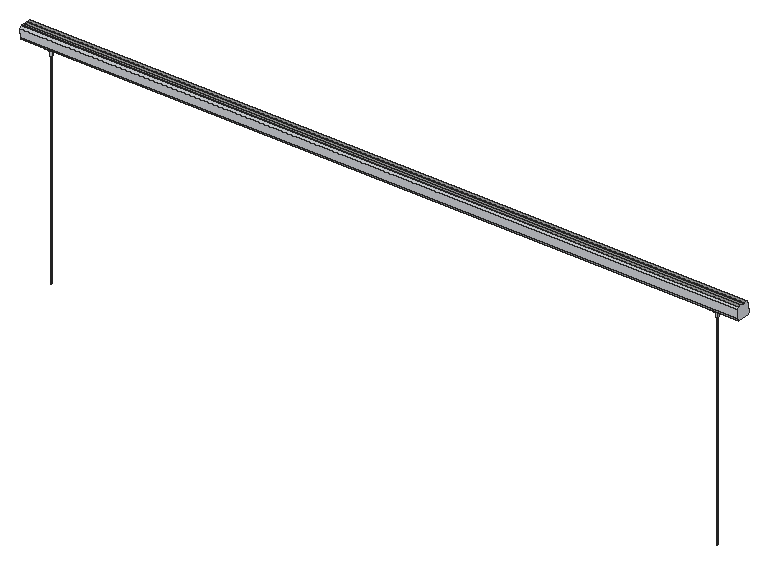
Revit family "0042534 Sylvania Lighting Fixture ISOLINE  3380MM 4K WD DA 8C", category Lighting Fixtures, host Face, Revit 2018
Family settings
  Host = Face
  Round Connector Dimension = Use Diameter
  Part Type = Normal
  OmniClass Number = 23.80.70.00
  OmniClass Title = Lighting
  Cut with Voids When Loaded = No
  Light Source = Yes
  Shared = No
  Room Calculation Point = No
Parameters (values of type "0042534 ISOLINE  3380MM 4K WD DA 8C")
  suspension height = 1000 mm
  spacer height = 5 mm
  spacer centres = 1000 mm
  height = 58.791 mm
  Width = 62 mm
  Weight = "n/a"
  Wattage Comments = ""
  Wattage = 9.2903 W
  WarrantyStartDate [instance] = "n/a"
  WarrantyGuarantorParts = "n/a"
  WarrantyDurationUnit = "n/a"
  WarrantyDurationParts = ""
  WarrantyDescription = "http://www.sylvania-lighting.com"
  built-in parameter 1150110 = 1 (stored number, unit not read)
  Voltage = 0 V
  URL = "0"
  TypeName = "ISOLINE  3380MM 4K WD DA 8C"
  Type Image = <None>
  Type Comments = "n/a"
  built-in parameter 1114217 = 1 (stored number, unit not read)
  Tilt Angle = 90.00°
  built-in parameter 1150109 = 1 (stored number, unit not read)
  built-in parameter 1150134 = 3
  built-in parameter 1150113 = 1 (stored number, unit not read)
  SerialNumber [instance] = "n/a"
  Photometric Web File = "0042534.ies"
  Material_3_FEILO = none
  PowerFactor = 0
  PowerConsumption = "Lighting"
  NominalLength = 62 mm
  NominalHeight = 0 mm
  NominalDepth = 0 mm
  Name = "ISOLINE  3380MM 4K WD DA 8C"
  ModelReference = Name  # "ISOLINE  3380MM 4K WD DA 8C"
  ModelNumber = "0042534"
  Model = Name  # "ISOLINE  3380MM 4K WD DA 8C"
  Material = "Feilo Sylvania"
  ManufacturerName = "145 lm/W"
  Manufacturer = ""
  LuminousEfficacy = ""
  built-in parameter 1150105 = 109.82 (stored number, unit not read)
  Lumens = 1380 lm
  LuminaireType = "0"
  built-in parameter 1150115 = 1 (stored number, unit not read)
  LightOutputRatio = "LED"
  built-in parameter 1150137 = (empty or 0)
  built-in parameter 1150139 = (empty or 0)
  Length = 3380 mm
  LampsType = Lamp  # "n/a"
  LampNominalLuminous = "4000 K"
  LampMacAdamStep = "80"
  LampColourTemperature = "LED"
  LampColourRenderingIndex = "16500"
  built-in parameter 1150112 = 1 (stored number, unit not read)
  built-in parameter 1150114 = 1 (stored number, unit not read)
  Lamp = "n/a"
  Keynote = "n/a"
  InstallationDate [instance] = "n/a"
  InputVoltage = "0"
  InputNominalFrequency = "4000"
  built-in parameter 1150132 = (empty or 0)
  built-in parameter 1150102 = (empty or 0)
  built-in parameter 1150107 = 3200 (stored number, unit not read)
  built-in parameter 1150138 = (empty or 0)
  IngressProtection = "IfcLightFixtureType"
  ImpactProtectionIndex = "IfcLightFixtureType"
  built-in parameter 1150106 = 1.0982 (stored number, unit not read)
  IfcExportType = "IfcLightFixtureType"
  IfcExportAs = "Class I"
  Height = 1000 mm
  ExpectedLife = 50000
  Emit from Circle Diameter = 609.6 mm
  Emit Shape Visible in Rendering = no
  ElectricShockClassification = "145"
  built-in parameter 1150104 = 13.8 (stored number, unit not read)
  DurationUnit = "hours"
  DocumentationLiterature = "http://www.sylvania-lighting.com/product/en-int/products/0042534"
  DimmingControlOptions = "n/a"
  Material_2_FEILO = none
  Dimming Lamp Color Temperature Shift = <None>
  Description = "Isoline LED linear DALI dimmable luminaire for industrial and commercial applications. 3380 mm length with wide optics provide homogeneous light distribution for open areas. Suitable for DALI Dimming. Aluminium housing, RAL 9016. Max + 35 °C operating temperature range, 4000 K, CRI 80, UGR <25, 3 SDMC. 112 W power consumption, 16300 lm luminous flux, 145 lm/W efficacy, 3380 mm x62 mm x 59 mm (L x W x H) dimensions, IP20, IK03, DC 50/60 Hz, Class I. Lifespan L70:B50 60,000 hours."
  Default Elevation = 1219.2 mm
  CreatedOn = "04/03/2021"
  CreatedBy = "@sylvania-lighting.com"
  Cost = 0
  Color Filter = 16777215
  built-in parameter 1114216 [instance] = (empty or 0)
  ClassificationValue = "EF_70_80"
  ClassificationName = "Uniclass2015"
  Material_1_FEILO = none
  BarCode [instance] = "n/a"
  built-in parameter 1114218 = 1 (stored number, unit not read)
  built-in parameter 1150133 = 10 (stored number, unit not read)
  AssetType = "Fixed"
  AssetIdentifier [instance] = "n/a"
  Assembly Code = "D5020200"
  Apparent Load = 112 VA
  Material_4_FEILO = none
Reference planes
  plane 1 "Center (Front/Back)": y = 0
  plane 2: z = 0
  plane 3 "Center (Left/Right)": x = 0
  plane 4: z = 0
  plane 5: z = 1000
  plane 6: y = 31
  plane 7: y = -31
  plane 8: x = -1690
  plane 9: x = 1690
  plane 10: x = -37.307
  plane 11: x = 55
  plane 12: z = 1058.791
  plane 13: z = 51
  plane 14: y = -27
  plane 15: y = 27
  plane 16: z = 12
  plane 17: y = -24.969
  plane 18: y = 25
  plane 19: y = 12
  plane 20: y = -12
  plane 21: z = 1.634
  plane 22: y = -8
  plane 23: y = 8
  plane 24: x = -1580
  plane 25: x = -1555
  plane 26: x = 1580
  plane 27: x = 1555
  plane 28: z = 995
  plane 29: y = 26.98
  plane 30: y = 16.98
  plane 31: y = -27.027
  plane 32: y = -17.004
  plane 33: z = 996.5
  plane 34: y = 26.002
  plane 35: y = -26.027
  plane 36: through (-1580, 7.965, 1219.2) normal (0.5391, 0.8423, 0)
  plane 37: through (-1555, 7.965, 1219.2) normal (0.5391, -0.8423, 0)
  plane 38: through (1555, 7.965, 1219.2) normal (0.5391, 0.8423, 0)
  plane 39: through (1580, 8, 1219.2) normal (0.5399, -0.8417, 0)
  plane 40: z = 1058.003
  plane 41: z = 1056.819
Forms (mm)
  Extrusion 1, solid, detail levels medium+fine
    sketch origin (-1690, -1523.717, -160.594) x (0, -1, -0.000261) y (0, 0.000261, -1)
      loop
        line (-1493, -1168.2) -> (-1497, -1160.2) -> (-1551, -1160.2) -> (-1555, -1168.2) -> (-1555, -1207.2) -> (-1549.109, -1218.982) -> (-1535.466, -1218.982) -> (-1532, -1217.566) -> (-1516, -1217.566) -> (-1512.511, -1218.991) -> (-1498.896, -1218.991) -> (-1493, -1207.2) -> (-1493, -1168.2)
    from 0 to 3380
  Extrusion 2, solid
    sketch origin (1555, 1524, 1219.189) x (0, 1, 0) y (0, 0, 1)
      loop
        line (-1497.021, -219.189) -> (-1498.02, -219.189) -> (-1507.02, -223.699) -> (-1541.004, -223.699) -> (-1550.017, -219.203) -> (-1551.02, -219.203) -> (-1541.004, -224.2) -> (-1507.02, -224.2) -> (-1497.021, -219.189)
    from 0 to 25
  Extrusion 3, solid
    sketch origin (-1580, 1524, 1219.189) x (0, 1, 0) y (0, 0, 1)
      loop
        line (-1497.021, -219.189) -> (-1498.02, -219.189) -> (-1507.02, -223.699) -> (-1541.004, -223.699) -> (-1550.017, -219.203) -> (-1551.02, -219.203) -> (-1541.004, -224.2) -> (-1507.02, -224.2) -> (-1497.021, -219.189)
    from 0 to 25
  Extrusion 4, solid
    sketch origin (4.2, 0, 0) x (1, 0, 0) y (0, 1, 0)
      loop
        circle (-1571.7, -0.035) r 5
    from 962.277 to 995
  Extrusion 5, solid
    sketch origin (3139.062, 0.065, 0) x (1, 0, 0) y (0, 1, 0)
      loop
        circle (-1571.7, -0.035) r 5
    from 962.277 to 995
  Extrusion 6, solid
    sketch origin (4.2, 0, 0) x (1, 0, 0) y (0, 1, 0)
      loop
        circle (-1571.7, -0.035) r 1.5
    from 0 to 962.277
  Extrusion 7, solid
    sketch origin (3139.076, 0.033, 0) x (1, 0, 0) y (0, 1, 0)
      loop
        circle (-1571.7, -0.035) r 1.5
    from 0 to 977.512
  Extrusion 8, solid, material "Glass, White, High Luminance", detail levels fine
    sketch origin (319, 1524, 1219.2) x (0, 1, 0) y (0, 0, 1)
      loop
        line (-1498.926, -160.099) -> (-1512.703, -160.099) -> (-1516.213, -161.534) -> (-1531.9, -161.534) -> (-1535.47, -160.114) -> (-1549.12, -160.114) -> (-1549.12, -161.197) -> (-1535.782, -161.197) -> (-1532.805, -162.381) -> (-1515.468, -162.381) -> (-1512.929, -161.197) -> (-1498.926, -161.197) -> (-1498.926, -160.099)
    from -2009 to 1371
  Extrusion 9, solid, detail levels coarse
    sketch origin (319, 1524, 1219.2) x (0, 1, 0) y (0, 0, 1)
      loop
        line (-1493, -160.052) -> (-1555, -160.052) -> (-1555, -1219.2) -> (-1493, -1219.2) -> (-1493, -160.052)
    from -2009 to 1371
Dimensions and locks
  "Width": plane 6 to plane 7
  equal spacing: plane 6, plane 1 "Center (Front/Back)", plane 7
  "Length": plane 8 to plane 9
  equal spacing: plane 8, plane 3 "Center (Left/Right)", plane 9
  "height": plane 12 to plane 5
  "suspension height": plane 5 to level
  aligned and locked: host face to plane 2
  aligned and locked: host face to level
Automatic sketch dimensions
  host sketch curve to host sketch curve = 3582.803 mm
  host sketch curve to host sketch curve = 2438.4 mm
  Extrusion 1 sketch curve to plane 29 = 0 mm
  Extrusion 1 sketch curve to plane 6 = 0.033 mm
  Extrusion 1 sketch curve to plane 12 = 11.778 mm
  Extrusion 1 sketch curve to Extrusion 1 sketch curve = 4 mm  (x2)
  Extrusion 1 sketch curve to Extrusion 1 sketch curve = 5.891 mm
  Extrusion 1 sketch curve to Extrusion 1 sketch curve = 13.643 mm
  Extrusion 1 sketch curve to Extrusion 1 sketch curve = 3.466 mm
  Extrusion 1 sketch curve to Extrusion 1 sketch curve = 16 mm
  Extrusion 1 sketch curve to Extrusion 1 sketch curve = 3.489 mm
  Extrusion 1 sketch curve to Extrusion 1 sketch curve = 13.615 mm
  Extrusion 1 sketch curve to Extrusion 1 sketch curve = 54 mm
  Extrusion 1 sketch curve to Extrusion 1 sketch curve = 47 mm
  Extrusion 1 sketch curve to Extrusion 1 sketch curve = 10.366 mm
  Extrusion 1 sketch curve to Extrusion 1 sketch curve = 1.425 mm
  Extrusion 1 sketch curve to Extrusion 1 sketch curve = 11.782 mm
  Extrusion 1 sketch curve to Extrusion 1 sketch curve = 8 mm  (x2)
  Extrusion 2 sketch curve to plane 32 = 0 mm  (x2)
  Extrusion 2 sketch curve to plane 30 = 0 mm  (x2)
  Extrusion 2 sketch curve to plane 5 = 0 mm
  Extrusion 2 sketch curve to plane 35 = 0.01 mm
  Extrusion 2 sketch curve to plane 31 = 0.007 mm
  plane 34 to Extrusion 2 sketch curve = 0.022 mm
  plane 29 to Extrusion 2 sketch curve = 0.001 mm
  Extrusion 2 sketch curve to plane 5 = 0.014 mm
  plane 28 to Extrusion 2 sketch curve = 0.489 mm
  Extrusion 2 sketch curve to plane 28 = 0.011 mm
  Extrusion 3 sketch curve to plane 32 = 0 mm  (x2)
  Extrusion 3 sketch curve to plane 30 = 0 mm  (x2)
  Extrusion 3 sketch curve to plane 5 = 0 mm
  Extrusion 3 sketch curve to plane 35 = 0.01 mm
  Extrusion 3 sketch curve to plane 31 = 0.007 mm
  plane 34 to Extrusion 3 sketch curve = 0.022 mm
  plane 29 to Extrusion 3 sketch curve = 0.001 mm
  Extrusion 3 sketch curve to plane 5 = 0.014 mm
  plane 28 to Extrusion 3 sketch curve = 0.489 mm
  Extrusion 3 sketch curve to plane 28 = 0.011 mm
  Extrusion 4 sketch curve to plane 36 = 0 mm
  plane 37 to Extrusion 4 sketch curve = 0 mm
  Extrusion 5 sketch curve to plane 1 "Center (Front/Back)" = 0.029 mm
  plane 27 to Extrusion 5 sketch curve = 12.362 mm
  Extrusion 6 sketch curve to plane 36 = 0 mm
  plane 37 to Extrusion 6 sketch curve = 0 mm
  plane 1 "Center (Front/Back)" to Extrusion 7 sketch curve = 0.002 mm
  plane 27 to Extrusion 7 sketch curve = 12.376 mm
  Extrusion 8 sketch curve to plane 40 = 0 mm  (x2)
  Extrusion 8 sketch curve to plane 41 = 0 mm
  plane 17 to Extrusion 8 sketch curve = 0.151 mm
  Extrusion 8 sketch curve to plane 20 = 0.218 mm
  plane 12 to Extrusion 8 sketch curve = 0.295 mm
  Extrusion 8 sketch curve to plane 20 = 0.53 mm
  plane 22 to Extrusion 8 sketch curve = 0.805 mm
  Extrusion 8 sketch curve to plane 22 = 0.1 mm
  plane 23 to Extrusion 8 sketch curve = 0.213 mm
  Extrusion 8 sketch curve to plane 23 = 0.532 mm
  plane 19 to Extrusion 8 sketch curve = 0.929 mm
  Extrusion 8 sketch curve to plane 18 = 0.074 mm
  plane 41 to Extrusion 8 sketch curve = 0.848 mm
  plane 19 to Extrusion 8 sketch curve = 0.703 mm
  plane 12 to Extrusion 8 sketch curve = 0.31 mm
  Extrusion 9 sketch curve to plane 7 = 0 mm
  Extrusion 9 sketch curve to plane 6 = 0 mm
  Extrusion 9 sketch curve to plane 33 = 996.5 mm
  plane 12 to Extrusion 9 sketch curve = 0.357 mm
  radius of Extrusion 4 sketch curve = 5 mm
  radius of Extrusion 5 sketch curve = 5 mm
  radius of Extrusion 6 sketch curve = 1.5 mm
  radius of Extrusion 7 sketch curve = 1.5 mm
Connectors
  electrical at (0, -0.02, 1000.004)
    settings: on Extrusion 1, index 1, voltage 0 V, apparent load 0 VA, apparent load phase1 0 VA, apparent load phase2 0 VA, apparent load phase3 0 VA, power factor 1, load classification "Other", number of poles 1, system type 31, power factor state 1, is connector primary yes, connector utility no, sub classification motor no, connector description ""
